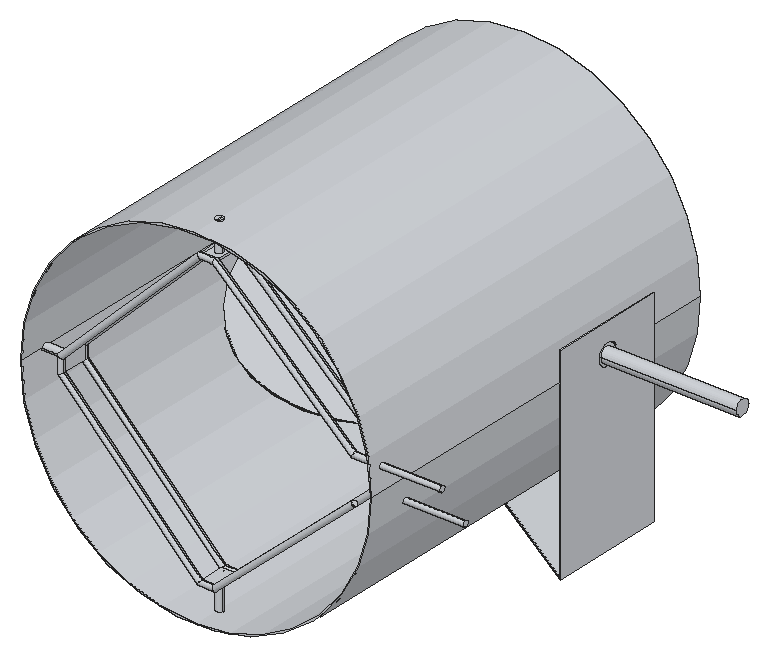
Revit family "RI-FL", category Mechanical Equipment, Revit 2015
Parameters
  Void Radius [instance] = Radius - 0' 0 5/256"  # 0' - 5 251/256"
  URL = "https://unitedenertech.com/catalog/pdf/L_2%20Model%20RI-FL.pdf"
  Type Comments = "Consult Factory for Max. Sizes"
  Radius [instance] = 0.5 * Exact Diameter  # 0' - 6"
  Model = "RI-FL"
  Manufacturer = "United Enertech Corporation"
  Keynote = ""
  Inner Radius [instance] = Radius - 0' 0 9/256"  # 0' - 5 247/256"
  Exact Diameter = 1' - 0"
  Description = "Round Control Damper with Flo-Cross"
  Depth = 1' - 2"
  Blade Radius [instance] = Inner Radius - 0' 0 3/8"  # 0' - 5 151/256"
Reference planes (in)
  plane 1 "Center (Front/Back)": y = 0
  plane 2: z = 0
  plane 3 "Center (Left/Right)": x = 0
  plane 4: x = -6
  plane 5: x = 6
  plane 6: y = 8
  plane 7: y = 7
  plane 8: y = 1
  plane 9: x = -6.6
  plane 10: x = -4.1
  plane 11: x = 4.1
  plane 12: x = 10.64655
  plane 13: x = 6.0359
  plane 14: y = 6
  plane 15: y = 2
  plane 16: y = -6
  plane 17: y = -5
Forms (in)
  Extrusion 1, solid
    sketch origin (0, 0, 0) x (1, 0, 0) y (0, 0, 1)
      loop
        circle (0, 0) r 6
      loop
        circle (0, 0) r 5.96484
    from 6 to -8
  Extrusion 2, solid
    sketch origin (0, 2.96472, 3.8637) x (1, 0, 0) y (0, 0.965926, 0.258819)
      loop
        circle (0, 0) r 5.58984
    from -4.01795 to -3.98205
  Extrusion 3, solid
    sketch origin (0, 0, 0) x (0, 1, 0) y (0, 0, 1)
      loop
        circle (4, 0) r 0.25
    from -6.6 to 10.64655
  Extrusion 4, solid
    sketch origin (0, 22.75673, 12.99985) x (0, 1, 0) y (0, 0, 1)
      loop
        line (-16.75673, -11.99985) -> (-20.75673, -11.99985) -> (-20.75673, -18.99985) -> (-16.75673, -18.99985) -> (-16.75673, -11.99985)
      loop
        circle (-18.75673, -12.99985) r 0.375
    from 6 to 6.0359
  Extrusion 5, solid
    sketch origin (0, 0, 0) x (1, 0, 0) y (0, 0, 1)
      loop
        line (6, -6) -> (6, -5.95269) -> (0, -0.55027) -> (0, -0.59758) -> (6, -6)
    from -6 to -2
  Extrusion 6, void
    sketch origin (-47.63577, 0, 15.85201) x (1, 0, 0) y (0, 0, 1)
      loop
        circle (47.63577, -15.85201) r 6
    from -13.1442 to 3.21369
Cuts and joins
  Extrusion 6 cuts Extrusion 5
Dimensions and locks (in)
  equal spacing: plane 4, plane 3 "Center (Left/Right)", plane 5
  "Exact Diameter": plane 4 to plane 5
  locked: plane 8 to plane 1 "Center (Front/Back)" at 1
  locked: plane 6 to plane 7 at 1
  locked: plane 9 to plane 4 at 0.6
  locked: plane 4 to plane 10 at 1.9
  locked: plane 11 to plane 5 at 1.9
  locked: plane 5 to plane 12 at 4.64655
  locked: plane 5 to plane 13 at 0.0359
  locked: plane 6 to plane 1 "Center (Front/Back)" at 8
  "Depth": plane 6 to plane 16
  locked: plane 17 to plane 16 at 1
  "Inner Radius": radius of Extrusion 1 sketch curve
  "Radius": radius of Extrusion 1 sketch curve
  "Blade Radius": radius of Extrusion 2 sketch curve
  "Radius": radius of Extrusion 6 sketch curve
  aligned and locked: level to plane 2
  aligned and locked: plane 6 to Extrusion 1
  aligned and locked: plane 9 to Extrusion 3
  aligned and locked: Extrusion 3 to plane 12
  aligned and locked: plane 13 to Extrusion 4
  aligned and locked: Extrusion 4 to plane 5
  aligned and locked: plane 5 to Extrusion 5
  aligned and locked: Extrusion 4 to Extrusion 5
  aligned and locked: Extrusion 5 to Extrusion 4
  aligned and locked: plane 16 to Extrusion 1
  aligned and locked: plane 17 to nested 1
  aligned and locked: level to nested 1
  aligned and locked: plane 3 "Center (Left/Right)" to nested 1
Automatic sketch dimensions
  Extrusion 3 sketch curve to level = 0' - 0"
  plane 7 to Extrusion 3 sketch curve = 0' - 3"
  Extrusion 4 sketch curve to plane 1 "Center (Front/Back)" = 0' - 2"
  level to Extrusion 4 sketch curve = 0' - 1"
  Extrusion 4 sketch curve to Extrusion 4 sketch curve = 0' - 4"
  Extrusion 4 sketch curve to Extrusion 4 sketch curve = 0' - 7"
  Extrusion 5 sketch curve to plane 3 "Center (Left/Right)" = 0' - 0"
  Extrusion 5 sketch curve to plane 5 = 0' - 0"
  Extrusion 5 sketch curve to level = 0' - 6"
  Extrusion 5 sketch curve to Extrusion 5 sketch curve = 0' - 0.04731"  (x2)
  Extrusion 5 sketch curve to level = 0' - 0.59758"
  Extrusion 1 sketch curve to Extrusion 1 sketch curve = 0' - 0"  (x2)
  Extrusion 1 sketch curve to level = 0' - 0"
  Extrusion 1 sketch curve to plane 3 "Center (Left/Right)" = 0' - 0"
  Extrusion 2 sketch curve to plane 3 "Center (Left/Right)" = 0' - 0"
  Extrusion 6 sketch curve to level = 0' - 0"
  Extrusion 6 sketch curve to plane 3 "Center (Left/Right)" = 0' - 0"
  radius of Extrusion 3 sketch curve = 0' - 0 1/4"
Nested families (in)
  nested 1: "Flow Cross" at (0, -5, 0), type "Flow Cross"
Definition of nested family "Flow Cross"
  Parameters (values of type "Flow Cross")
    Dia = 1' - 0"
  Reference planes (in)
    plane 1 "Center (Front/Back)": y = 0
    plane 2: z = 0
    plane 3 "Center (Left/Right)": x = 0
    plane 4: x = -6
    plane 5: x = 6
    plane 6: z = 6
    plane 7: z = -6
    plane 8: y = -0.5
    plane 9: y = 0.5
    plane 10: z = -5
    plane 11: x = -5
    plane 12: x = 5
    plane 13: z = 5
    plane 14: x = -0.25
    plane 15: x = 0.25
    plane 16: z = 0.25
    plane 17: z = -0.25
    plane 18: x = -4.94
    plane 19: z = -4.94
    plane 20: z = 4.94
    plane 21: x = 4.94
    plane 22: x = 8
    plane 23: z = 0.75
    plane 24: z = -0.75
  Forms (in)
    Extrusion 1, solid
      sketch origin (0, 0, 0) x (1, 0, 0) y (0, 0, 1)
        loop
          line (-5, -0.25) -> (-4.94, -0.25) -> (-4.94, 0.25) -> (-5, 0.25) -> (-5, -0.25)
      from -0.5 to 0.5
    Extrusion 2, solid
      sketch origin (0, 0, 0) x (1, 0, 0) y (0, 0, 1)
        loop
          line (-0.25, 4.94) -> (0.25, 4.94) -> (0.25, 5) -> (-0.25, 5) -> (-0.25, 4.94)
      from -0.5 to 0.5
    Extrusion 3, solid
      sketch origin (0, 0, 0) x (1, 0, 0) y (0, 0, 1)
        loop
          line (-0.25, -5) -> (0.25, -5) -> (0.25, -4.94) -> (-0.25, -4.94) -> (-0.25, -5)
      from -0.5 to 0.5
    Extrusion 4, solid
      sketch origin (0, 0, 0) x (1, 0, 0) y (0, 1, 0)
        loop
          circle (0, 0) r 0.12339
      from -6 to -5
    Extrusion 5, solid
      sketch origin (0, 0, 0) x (1, 0, 0) y (0, 1, 0)
        loop
          circle (0, 0) r 0.125
      from 5 to 6
    Extrusion 6, solid
      sketch origin (0, 0, 0) x (0, 1, 0) y (0, 0, 1)
        loop
          circle (0, 0) r 0.125
      from -6 to -5
    Sweep 7, solid
      path origin (0, 0, 0) x (1, 0, 0) y (0, 0, 1)
        loop
          line (8, 0.75) -> (5, 0.75) -> (0.25, 5) -> (-0.25, 5) -> (-5, 0.25) -> (-5, -0.25) -> (-0.25, -5) -> (0.25, -5) -> (5, -0.75)
      profile origin (6.5, 0, 0.75) x (0, 0, -1) y (0, -1, 0)
        loop
          circle (0, 0.5) r 0.09375
    Sweep 8, solid
      path origin (0, 0, 0) x (1, 0, 0) y (0, 0, 1)
        loop
          line (8, -0.75) -> (5, -0.75) -> (0.25, -5) -> (-0.25, -5) -> (-5, -0.25) -> (-5, 0.25) -> (-0.25, 5) -> (0.25, 5) -> (5, 0.75)
      profile origin (6.5, 0, -0.75) x (0, 0, -1) y (0, -1, 0)
        loop
          circle (0, -0.5) r 0.09375
  Dimensions and locks (in)
    equal spacing: plane 4, plane 3 "Center (Left/Right)", plane 5
    "Dia": plane 4 to plane 5
    equal spacing: plane 6, level, plane 7
    "Dia": plane 6 to plane 7
    locked: plane 8 to plane 1 "Center (Front/Back)" at 0.5
    locked: plane 9 to plane 1 "Center (Front/Back)" at 0.5
    locked: plane 10 to plane 7 at 1
    locked: plane 6 to plane 13 at 1
    locked: plane 4 to plane 11 at 1
    locked: plane 5 to plane 12 at 1
    locked: plane 14 to plane 3 "Center (Left/Right)" at 0.25
    locked: plane 3 "Center (Left/Right)" to plane 15 at 0.25
    locked: level to plane 17 at 0.25
    locked: plane 16 to level at 0.25
    locked: plane 11 to plane 18 at 0.06
    locked: plane 21 to plane 12 at 0.06
    locked: plane 19 to plane 10 at 0.06
    locked: plane 13 to plane 20 at 0.06
    locked: level to plane 24 at 0.75
    locked: plane 23 to level at 0.75
    plane 17 to plane 19 = 0' - 4.69"
    plane 14 to plane 18 = 0' - 4.69"
    plane 20 to plane 16 = 0' - 4.69"
    plane 21 to plane 15 = 0' - 4.69"
    locked: plane 5 to plane 22 at 2
    aligned and locked: level to plane 2
    aligned and locked: plane 11 to Extrusion 1 sketch curve
    aligned and locked: Extrusion 1 sketch curve to plane 17
    aligned and locked: plane 18 to Extrusion 1 sketch curve
    aligned and locked: plane 16 to Extrusion 1 sketch curve
    aligned and locked: Extrusion 1 to plane 8
    aligned and locked: plane 9 to Extrusion 1
    aligned and locked: Extrusion 2 sketch curve to plane 13
    aligned and locked: plane 15 to Extrusion 2 sketch curve
    aligned and locked: plane 14 to Extrusion 2 sketch curve
    aligned and locked: plane 20 to Extrusion 2 sketch curve
    aligned and locked: plane 9 to Extrusion 2
    aligned and locked: Extrusion 2 to plane 8
    aligned and locked: plane 14 to Extrusion 3 sketch curve
    aligned and locked: plane 15 to Extrusion 3 sketch curve
    aligned and locked: plane 19 to Extrusion 3 sketch curve
    aligned and locked: Extrusion 3 sketch curve to plane 10
    aligned and locked: plane 9 to Extrusion 3
    aligned and locked: Extrusion 3 to plane 8
    aligned and locked: Extrusion 4 to plane 7
    aligned and locked: plane 10 to Extrusion 4
    aligned and locked: plane 6 to Extrusion 5
    aligned and locked: plane 13 to Extrusion 5
    aligned and locked: plane 4 to Extrusion 6
    aligned and locked: Extrusion 6 to plane 11
    aligned and locked: plane 12 to Sweep 7 sketch curve  (x2)
    aligned and locked: plane 24 to Sweep 7 sketch curve
    aligned and locked: plane 23 to Sweep 7 sketch curve  (x2)
    aligned and locked: plane 22 to Sweep 7 sketch curve
    aligned and locked: plane 13 to Sweep 7 sketch curve  (x2)
    aligned and locked: plane 15 to Sweep 7 sketch curve  (x2)
    aligned and locked: plane 14 to Sweep 7 sketch curve  (x2)
    aligned and locked: plane 11 to Sweep 7 sketch curve  (x2)
    aligned and locked: plane 16 to Sweep 7 sketch curve
    aligned and locked: plane 17 to Sweep 7 sketch curve
    aligned and locked: plane 10 to Sweep 7 sketch curve  (x2)
    aligned and locked: plane 23 to Sweep 8 sketch curve
    aligned and locked: plane 12 to Sweep 8 sketch curve  (x2)
    aligned and locked: plane 15 to Sweep 8 sketch curve  (x2)
    aligned and locked: plane 14 to Sweep 8 sketch curve  (x2)
    aligned and locked: plane 13 to Sweep 8 sketch curve  (x2)
    aligned and locked: plane 16 to Sweep 8 sketch curve
    aligned and locked: plane 17 to Sweep 8 sketch curve
    aligned and locked: plane 11 to Sweep 8 sketch curve  (x2)
    aligned and locked: plane 10 to Sweep 8 sketch curve  (x2)
    aligned and locked: plane 24 to Sweep 8 sketch curve  (x2)
    aligned and locked: plane 22 to Sweep 8 sketch curve
  Automatic sketch dimensions
    plane 1 "Center (Front/Back)" to Extrusion 4 sketch curve = 0' - 0"
    Extrusion 4 sketch curve to plane 3 "Center (Left/Right)" = 0' - 0"
    plane 1 "Center (Front/Back)" to Extrusion 5 sketch curve = 0' - 0"
    Extrusion 5 sketch curve to plane 3 "Center (Left/Right)" = 0' - 0"
    Extrusion 6 sketch curve to level = 0' - 0"
    Extrusion 6 sketch curve to plane 1 "Center (Front/Back)" = 0' - 0"
    Sweep 7 sketch curve to profile plane = 0' - 0"
    plane 1 "Center (Front/Back)" to Sweep 7 sketch curve = 0' - 0 1/2"
    Sweep 8 sketch curve to profile plane = 0' - 0"
    Sweep 8 sketch curve to plane 1 "Center (Front/Back)" = 0' - 0 1/2"
    radius of Extrusion 4 sketch curve = 0' - 0.12339"
    radius of Extrusion 5 sketch curve = 0' - 0 1/8"
    radius of Extrusion 6 sketch curve = 0' - 0 1/8"
    radius of Sweep 7 sketch curve = 0' - 0 3/32"
    radius of Sweep 8 sketch curve = 0' - 0 3/32"
